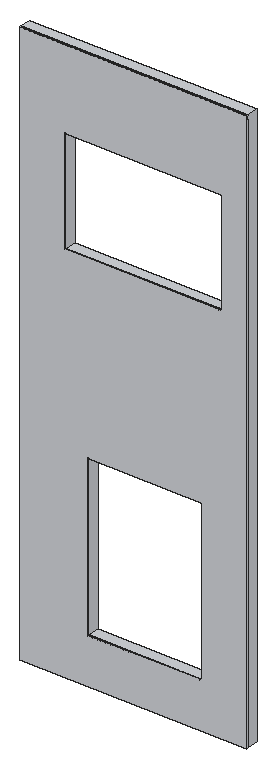
Revit family "RNGD_Optimizer Ext Wall Panel_Opening", category Generic Models, Revit 2025
Family settings
  Can host rebar = No
  Round Connector Dimension = Use Diameter
  Part Type = Normal
  Work Plane-Based = No
  Always vertical = Yes
  Cut with Voids When Loaded = Yes
  Maintain Annotation Orientation = No
  Shared = No
  Room Calculation Point = No
Parameters (values of type "EXT_6" CFMF - ExoAir")
  Wall Panel Area [instance] = Overall Height * Overall Width  # 250.00 SF
  Void 2 Width [instance] = 2 * VOID 2 JAMB CLR + UNIT 2 WIDTH  # 4' - 10 1/2"
  Void 2 Height [instance] = VOID 2 SILL CLR + VOID 2 HEAD CLR + UNIT 2 HEIGHT  # 4' - 7"
  Void 1 Y Offset [instance] = 2' - 0"
  Void 1 X Offset [instance] = 3' - 0"
  Void 1 Width [instance] = 2 * VOID 1 JAMB CLR + UNIT 1 WIDTH  # 5' - 0"
  Void 1 Height [instance] = VOID 1 SILL CLR + VOID 1 HEAD CLR + UNIT 1 HEIGHT  # 7' - 0"
  Void 2 Y Offset [instance] = 16' - 10.81791"
  Void 2 X Offset [instance] = 1' - 11 3/4"
  VOID 2 SILL CLR [instance] = 0' - 6"
  VOID 2 JAMB CLR [instance] = 0' - 5 1/4"
  VOID 2 HEAD CLR [instance] = 0' - 6"
  VOID 2 [instance] = yes
  VOID 1 SILL CLR [instance] = 0' - 6"
  VOID 1 JAMB CLR [instance] = 0' - 6"
  VOID 1 HEAD CLR [instance] = 0' - 6"
  VOID 1 [instance] = yes
  UNIT 2 HEIGHT [instance] = 3' - 7"
  UNIT 1 WIDTH [instance] = 4' - 0"
  UNIT 1 HEIGHT [instance] = 6' - 0"
  UNIT 2 WIDTH [instance] = 4' - 0"
  Stud Depth = 0' - 6"
  Sheathing Wrap_Right [instance] = no
  Sheathing Wrap_Left [instance] = no
  Overall Width [instance] = 10' - 0"
  Overall Height [instance] = 25' - 0"
  Material = EIFS_Stucco
  Location = "EXT"
  Fully Finished = no
  Finish Extents = "Backer Panel"
  Finish Area [instance] = 24.0625 SF
  Finish + Air Barrier Depth = 0' - 0"
  Description = ""
  Default Elevation = 0' - 0"
Reference planes (in)
  plane 1 "Center (Front/Back)": y = 0
  plane 2: z = 0
  plane 3 "Center (Left/Right)": x = 45.5625
  plane 4: x = -14.4375
  plane 5: x = 105.5625
  plane 6: z = 300
  plane 7: y = -6.625
  plane 8: y = -6
  plane 9: y = -6.625
  plane 10: y = -20.75
  plane 11: y = 9
  plane 12 "L.O. VOID 1": x = 21.5625
  plane 13 "R.O. VOID 1": x = 81.5625
  plane 14 "T.O. VOID": z = 108
  plane 15 "B.O. VOID": z = 24
  plane 16 "VOID 1 SILL CLR": z = 30
  plane 17 "VOID 1 HEAD CLR": z = 102
  plane 18 "VOID 1 JAMB CLR 1": x = 75.5625
  plane 19 "VOID 1 JAMB CLR 2": x = 27.5625
  plane 20 "T.O. VOID 2": z = 257.81791
  plane 21 "VOID 2 Head CLR 6": z = 251.81791
  plane 22 "VOID 2 JAMB CLR 7": x = 14.5625
  plane 23 "VOID 2 JAMB CLR 8": x = 87.0625
  plane 24 "B. O. VOID 2": z = 202.81791
  plane 25 "L. O. VOID 2": x = 9.3125
  plane 26 "R. O. VOID 2": x = 92.3125
  plane 27 "VOID 2 SILL CLR": z = 208.81791
Forms (in)
  Extrusion 1, solid
    sketch origin (0, 0, 0) x (1, 0, 0) y (0, 0, 1)
      loop
        line (-14.4375, 0) -> (105.5625, 0) -> (105.5625, 300) -> (-14.4375, 300) -> (-14.4375, 0)
    from 0 to 6
  Extrusion 2, solid
    sketch origin (0, -6, 0) x (1, 0, 0) y (0, 0, 1)
      loop
        line (-14.4375, 0) -> (105.5625, 0) -> (105.5625, 300) -> (-14.4375, 300) -> (-14.4375, 0)
    from 0 to 0.625
  Extrusion 3, solid, visible <- "Sheathing Wrap_Left"
    sketch origin (0, 0, 0) x (1, 0, 0) y (0, 0, 1)
      loop
        line (-14.4375, 0) -> (-14.4375, 300) -> (-15.0625, 300) -> (-15.0625, 0) -> (-14.4375, 0)
    from 0 to 6.625
  Extrusion 4, solid, visible <- "Sheathing Wrap_Right"
    sketch origin (0, 0, 0) x (-1, 0, 0) y (0, 0, -1)
      loop
        line (-105.5625, 0) -> (-106.1875, 0) -> (-106.1875, -300) -> (-105.5625, -300) -> (-105.5625, 0)
    from 0 to 6.625
  Extrusion 5, void
    sketch origin (0, 0, 0) x (-1, 0, 0) y (0, 0, 1)
      loop
        line (-9.3125, 257.81791) -> (-92.3125, 257.81791) -> (-92.3125, 202.81791) -> (-9.3125, 202.81791) -> (-9.3125, 257.81791)
    from -17.89937 to 12
  Extrusion 6, void
    sketch origin (0, 0, 0) x (-1, 0, 0) y (0, 0, 1)
      loop
        line (-21.5625, 108) -> (-81.5625, 108) -> (-81.5625, 24) -> (-21.5625, 24) -> (-21.5625, 108)
    from -17.89937 to 12
Cuts and joins
  Extrusion 5, Extrusion 6 cuts Extrusion 1
  Extrusion 5, Extrusion 6 cuts Extrusion 2
  Extrusion 6 cuts Extrusion 4
Dimensions and locks (in)
  "Stud Depth": plane 8 to plane 1 "Center (Front/Back)"
  plane 7 to plane 8 = 0' - 0 5/8"
  "Finish + Air Barrier Depth": plane 7 to plane 9
  Extrusion 3 sketch curve to plane 4 = 0' - 0 5/8"
  locked: Extrusion 4 sketch curve to plane 5 at 0.625
  "Overall Width": plane 4 to plane 5
  "Overall Height": plane 6 to plane 2
  "Void 1 Y Offset": plane 15 "B.O. VOID" to plane 2
  "Void 1 X Offset": plane 4 to plane 12 "L.O. VOID 1"
  level to Extrusion 1 = 25' - 0"
  equal spacing: plane 4, plane 3 "Center (Left/Right)", plane 5
  "VOID 1 SILL CLR": plane 16 "VOID 1 SILL CLR" to plane 15 "B.O. VOID"
  "VOID 1 HEAD CLR": plane 14 "T.O. VOID" to plane 17 "VOID 1 HEAD CLR"
  "VOID 1 JAMB CLR": plane 18 "VOID 1 JAMB CLR 1" to plane 13 "R.O. VOID 1"
  "VOID 1 JAMB CLR": plane 12 "L.O. VOID 1" to plane 19 "VOID 1 JAMB CLR 2"
  "UNIT 1 WIDTH": plane 19 "VOID 1 JAMB CLR 2" to plane 18 "VOID 1 JAMB CLR 1"
  "UNIT 1 HEIGHT": plane 17 "VOID 1 HEAD CLR" to plane 16 "VOID 1 SILL CLR"
  plane 12 "L.O. VOID 1" to plane 13 "R.O. VOID 1" = 5' - 0"
  plane 14 "T.O. VOID" to plane 15 "B.O. VOID" = 7' - 0"
  "VOID 2 HEAD CLR": plane 20 "T.O. VOID 2" to plane 21 "VOID 2 Head CLR 6"
  "UNIT 2 HEIGHT": plane 21 "VOID 2 Head CLR 6" to plane 27 "VOID 2 SILL CLR"
  "VOID 2 SILL CLR": plane 27 "VOID 2 SILL CLR" to plane 24 "B. O. VOID 2"
  "VOID 2 JAMB CLR": plane 22 "VOID 2 JAMB CLR 7" to plane 25 "L. O. VOID 2"
  "VOID 2 JAMB CLR": plane 23 "VOID 2 JAMB CLR 8" to plane 26 "R. O. VOID 2"
  "Void 2 Y Offset": plane 24 "B. O. VOID 2" to level
  "Void 2 X Offset": cut or joined group of Extrusion 2, Extrusion 5, Extrusion 6 to cut or joined group of Extrusion 2, Extrusion 5, Extrusion 6
  aligned and locked: plane 2 to level
  aligned and locked: Extrusion 2 to plane 8
  aligned and locked: Extrusion 2 to plane 7
  aligned and locked: plane 4 to Extrusion 3 sketch curve
  aligned and locked: Extrusion 3 sketch curve to plane 6
  aligned and locked: Extrusion 3 to plane 1 "Center (Front/Back)"
  aligned and locked: Extrusion 3 to plane 7
  aligned and locked: Extrusion 4 to plane 5
  aligned and locked: plane 7 to Extrusion 4
  aligned and locked: Extrusion 4 to plane 1 "Center (Front/Back)"
  aligned and locked: Extrusion 4 sketch curve to plane 6
Automatic sketch dimensions
  plane 4 to Extrusion 1 sketch curve = 0' - 0"
  Extrusion 1 sketch curve to plane 5 = 0' - 0"
  Extrusion 1 sketch curve to level = 0' - 0"
  Extrusion 1 sketch curve to plane 6 = 0' - 0"
  plane 4 to Extrusion 2 sketch curve = 0' - 0"
  Extrusion 2 sketch curve to plane 5 = 0' - 0"
  Extrusion 2 sketch curve to level = 0' - 0"
  Extrusion 2 sketch curve to plane 6 = 0' - 0"
  Extrusion 3 sketch curve to level = 0' - 0"
  Extrusion 4 sketch curve to plane 5 = 0' - 0"
  Extrusion 4 sketch curve to level = 0' - 0"
  Extrusion 5 sketch curve to plane 20 "T.O. VOID 2" = 0' - 0"
  Extrusion 5 sketch curve to plane 26 "R. O. VOID 2" = 0' - 0"
  Extrusion 5 sketch curve to plane 24 "B. O. VOID 2" = 0' - 0"
  Extrusion 5 sketch curve to plane 25 "L. O. VOID 2" = 0' - 0"
  plane 13 "R.O. VOID 1" to Extrusion 6 sketch curve = 0' - 0"
  plane 12 "L.O. VOID 1" to Extrusion 6 sketch curve = 0' - 0"
  Extrusion 6 sketch curve to plane 15 "B.O. VOID" = 0' - 0"
  Extrusion 6 sketch curve to plane 14 "T.O. VOID" = 0' - 0"
